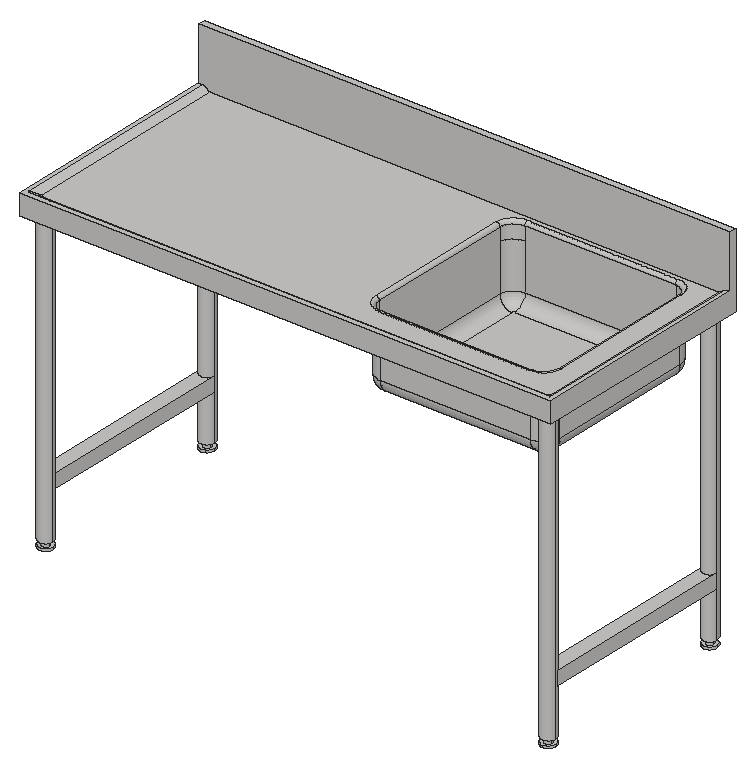
Revit family
Parameters (values of type "1500 X 650 Bowl Right End")
  Waste Connection Diameter = 40 mm
  Width Of Bowl = 505 mm
  Waste Connection Radius = Waste Connection Diameter / 2  # 20 mm
  WFU = 0
  URL = "http://www.autospec.co.za/browse.php?id=1644179283"
  Product Code = "None"
  OmniClass Title = ""
  OmniClass Number = ""
  Modspec Classification = ""
  Specification = ""
  Material = Stainless Steel Grade 304
  Location (revit room) = ""
  Length Of Bowl = 505 mm
  Bowl Posiition [instance] = if(Bowl Position End, Distance Of Bowl, if(Bowl Position Center, Length / 2, Distance Of Bowl))  # 330 mm
  Description = ""
  Depth Of Bowl = 230 mm
  Colour = none
  Bowl Position End [instance] = yes
  Bowl Position Center [instance] = not(Bowl Position End)  # no
  Body Finish = none
  Distance Of Bowl = 330 mm
  Splashback Height = 150 mm
  Width = 650 mm
  Model = "Catering Sink Single Bowl Right End Series KS1-1500 X 650"
  Manufacturer = "Kwikot"  # constant formula
  Length = 1500 mm
  Height = 1050 mm
  Assembly Code = "E1090300"
Reference planes
  plane 1 "Center (Front/Back)": y = 0
  plane 2 "Bottom": z = 0
  plane 3 "Center (Left/Right)": x = 0
  plane 4 "Left": x = -750
  plane 5 "Right": x = 750
  plane 6 "Front": y = -650
  plane 7 "Top": z = 1050
  plane 8: z = 900
  plane 9: z = 840
  plane 10: z = 670
  plane 11: y = -295
  plane 12: x = 420
  plane 13: x = 655
  plane 14: x = 150
  plane 15: y = -42.5
  plane 16: y = -547.5
Forms (mm)
  Extrusion 1, solid, material "Stainless Steel Grade 304" <- "Material"
    sketch origin (-750, -491, 4000) x (0, -1, 0) y (0, 0, 1)
      loop
        line (-491, -3160) -> (159, -3160) -> (159, -3100) -> (-471, -3100) -> (-471, -2950) -> (-491, -2950) -> (-491, -3160)
    from 0 to -1500
  Blend 2, void
    base sketch origin (-779.234, -1524, 900) x (0, -1, 0) y (1, 0, 0)
      loop
        arc (-891, 41.234) -> (-887.464, 42.698) -> (-886, 46.234) r 5
        line (-886, 46.234) -> (-886, 1512.234)
        arc (-886, 1512.234) -> (-887.464, 1515.769) -> (-891, 1517.234) r 5
        line (-891, 1517.234) -> (-1504, 1517.234) -> (-1504, 41.234) -> (-891, 41.234)
    top sketch origin (-779.234, -1524, 900) x (0, -1, 0) y (1, 0, 0)
      loop
        line (-1504, 61.234) -> (-911, 61.234)
        arc (-911, 61.234) -> (-907.464, 62.698) -> (-906, 66.234) r 5
        line (-906, 66.234) -> (-906, 1492.234)
        arc (-906, 1492.234) -> (-907.464, 1495.769) -> (-911, 1497.234) r 5
        line (-911, 1497.234) -> (-1504, 1497.234) -> (-1504, 61.234)
    from 0 to -12
  Extrusion 3, void
    sketch origin (-779.234, -1524, 840) x (0, -1, 0) y (-1, 0, 0)
      loop
        line (-1481.5, -969.234) -> (-1481.5, -1394.234)
        arc (-1481.5, -1394.234) -> (-1469.784, -1422.518) -> (-1441.5, -1434.234) r 40
        line (-1441.5, -1434.234) -> (-1016.5, -1434.234)
        arc (-1016.5, -1434.234) -> (-988.216, -1422.518) -> (-976.5, -1394.234) r 40
        line (-976.5, -1394.234) -> (-976.5, -969.234)
        arc (-976.5, -969.234) -> (-988.216, -940.949) -> (-1016.5, -929.234) r 40
        line (-1016.5, -929.234) -> (-1441.5, -929.234)
        arc (-1441.5, -929.234) -> (-1469.784, -940.949) -> (-1481.5, -969.234) r 40
    from 0 to -60
  Sweep 4, solid, material "Stainless Steel Grade 304" <- "Material"
    path origin (-779.234, -1524, 900) x (-1, 0, 0) y (0, -1, 0)
      loop
        line (-929.234, -1441.5) -> (-929.234, -1016.5)
        arc (-929.234, -1016.5) -> (-940.949, -988.216) -> (-969.234, -976.5) r 40
        line (-969.234, -976.5) -> (-1394.234, -976.5)
        arc (-1394.234, -976.5) -> (-1422.518, -988.216) -> (-1434.234, -1016.5) r 40
        line (-1434.234, -1016.5) -> (-1434.234, -1441.5)
        arc (-1434.234, -1441.5) -> (-1422.518, -1469.784) -> (-1394.234, -1481.5) r 40
        line (-1394.234, -1481.5) -> (-969.234, -1481.5)
        arc (-969.234, -1481.5) -> (-940.949, -1469.784) -> (-929.234, -1441.5) r 40
    profile origin (150, -295, 900) x (1, 0, 0) y (0, 0, 1)
      loop
        line (0, -12) -> (-5, -12) -> (-5, -190)
        arc (-5, -190) -> (6.716, -218.284) -> (35, -230) r 40
        line (35, -230) -> (35, -225)
        arc (35, -225) -> (10.251, -214.749) -> (0, -190) r 35
        line (0, -190) -> (0, -12)
  Blend 5, solid, material "Stainless Steel Grade 304" <- "Material"
    base sketch origin (-779.234, -1524, 670) x (-1, 0, 0) y (0, -1, 0)
      loop
        circle (-1199.234, -1229) r 26
    top sketch origin (-779.234, -1524, 670) x (-1, 0, 0) y (0, -1, 0)
      loop
        circle (-1199.234, -1229) r 20
    from 0 to -5
  Extrusion 6, solid, material "Stainless Steel Grade 304" <- "Material"
    sketch origin (-779.234, -1524, 670) x (-1, 0, 0) y (0, -1, 0)
      loop
        arc (-964.234, -1016.5) -> (-965.698, -1012.964) -> (-969.234, -1011.5) r 5
        line (-969.234, -1011.5) -> (-1394.234, -1011.5)
        arc (-1394.234, -1011.5) -> (-1397.769, -1012.964) -> (-1399.234, -1016.5) r 5
        line (-1399.234, -1016.5) -> (-1399.234, -1441.5)
        arc (-1399.234, -1441.5) -> (-1397.769, -1445.036) -> (-1394.234, -1446.5) r 5
        line (-1394.234, -1446.5) -> (-969.234, -1446.5)
        arc (-969.234, -1446.5) -> (-965.698, -1445.036) -> (-964.234, -1441.5) r 5
        line (-964.234, -1441.5) -> (-964.234, -1016.5)
      loop
        circle (-1199.234, -1229) r 26
    from 0 to 5
  Sweep 7, void
    path origin (-779.234, -1524, 900) x (-1, 0, 0) y (0, -1, 0)
      loop
        line (-929.234, -1441.5) -> (-929.234, -1016.5)
        arc (-929.234, -1016.5) -> (-940.949, -988.216) -> (-969.234, -976.5) r 40
        line (-969.234, -976.5) -> (-1394.234, -976.5)
        arc (-1394.234, -976.5) -> (-1422.518, -988.216) -> (-1434.234, -1016.5) r 40
        line (-1434.234, -1016.5) -> (-1434.234, -1441.5)
        arc (-1434.234, -1441.5) -> (-1422.518, -1469.784) -> (-1394.234, -1481.5) r 40
        line (-1394.234, -1481.5) -> (-969.234, -1481.5)
        arc (-969.234, -1481.5) -> (-940.949, -1469.784) -> (-929.234, -1441.5) r 40
    profile origin (150, -295, 900) x (1, 0, 0) y (0, 0, 1)
      loop
        line (0, -12) -> (-10, -12)
        arc (-10, -12) -> (-2.929, -14.929) -> (0, -22) r 10
        line (0, -22) -> (0, -12)
  Extrusion 8, solid, material "Stainless Steel Grade 304" <- "Material"
    sketch origin (0, 0, 0) x (1, 0, 0) y (0, 1, 0)
      loop
        circle (-710, -610) r 21
      loop
        circle (710, -610) r 21
      loop
        circle (-710, -40) r 21
      loop
        circle (710, -40) r 21
    from 0 to 5
  Extrusion 9, solid, material "Stainless Steel Grade 304" <- "Material"
    sketch origin (0, 0, 0) x (1, 0, 0) y (0, 1, 0)
      loop
        circle (-710, -610) r 10
      loop
        circle (-710, -40) r 10
      loop
        circle (710, -40) r 10
      loop
        circle (710, -610) r 10
    from 5 to 20
  Extrusion 10, solid, material "Stainless Steel Grade 304" <- "Material"
    sketch origin (-779.234, -1524, 840) x (-1, 0, 0) y (0, -1, 0)
      loop
        circle (-1489.234, -914) r 21
      loop
        circle (-1489.234, -1484) r 21
      loop
        circle (-69.234, -1484) r 21
      loop
        circle (-69.234, -914) r 21
    from 0 to -820
  Extrusion 11, solid, material "Stainless Steel Grade 304"
    sketch origin (0, 0, 0) x (1, 0, 0) y (0, 1, 0)
      loop
        line (-689, -610) -> (-689, -40)
        arc (-689, -40) -> (-710, -61) -> (-731, -40) r 21
        line (-731, -40) -> (-731, -610)
        arc (-731, -610) -> (-710, -589) -> (-689, -610) r 21
      loop
        line (689, -40) -> (689, -610)
        arc (689, -610) -> (710, -589) -> (731, -610) r 21
        line (731, -610) -> (731, -40)
        arc (731, -40) -> (710, -61) -> (689, -40) r 21
    from 150 to 190
Cuts and joins
  Blend 2, Extrusion 3, Sweep 7 cuts Extrusion 1
  Sweep 7 cuts Sweep 4
  Sweep 7 cuts Extrusion 6
  joined: Extrusion 1, Sweep 4, Extrusion 6
Lines and regions (mm)
  symbolic lines
    curve 1: line (-750, 0, 750) -> (-750, -650, 750)
    curve 2: line (750, 0, 750) -> (-750, 0, 750)
    curve 3: line (750, -650, 750) -> (750, 0, 750)
    curve 4: line (-750, -650, 750) -> (750, -650, 750)
    curve 5: line (-750, -20, 750) -> (750, -20, 750)
    curve 6: line (-738, -633, 1050) -> (-738, -20, 1050)
    curve 7: arc (-733, -638, 1050) -> (-736.536, -636.536, 1050) -> (-738, -633, 1050) r 5
    curve 8: line (733, -638, 1050) -> (-733, -638, 1050)
    curve 9: line (-718, -20, 1050) -> (-718, -613, 1050)
    curve 10: arc (-718, -613, 1050) -> (-716.536, -616.536, 1050) -> (-713, -618, 1050) r 5
    curve 11: line (-713, -618, 1050) -> (713, -618, 1050)
    curve 12: arc (713, -618, 1050) -> (716.536, -616.536, 1050) -> (718, -613, 1050) r 5
    curve 13: line (718, -613, 1050) -> (718, -20, 1050)
    curve 14: arc (738, -633, 1050) -> (736.536, -636.536, 1050) -> (733, -638, 1050) r 5
    curve 15: line (738, -20, 1050) -> (738, -633, 1050)
    curve 16: line (615, -547.5, 1050) -> (190, -547.5, 1050)
    curve 17: arc (190, -547.5, 1050) -> (161.716, -535.784, 1050) -> (150, -507.5, 1050) r 40
    curve 18: line (150, -507.5, 1050) -> (150, -82.5, 1050)
    curve 19: arc (150, -82.5, 1050) -> (161.716, -54.216, 1050) -> (190, -42.5, 1050) r 40
    curve 20: line (190, -42.5, 1050) -> (615, -42.5, 1050)
    curve 21: arc (615, -42.5, 1050) -> (643.284, -54.216, 1050) -> (655, -82.5, 1050) r 40
    curve 22: line (655, -82.5, 1050) -> (655, -507.5, 1050)
    curve 23: arc (655, -507.5, 1050) -> (643.284, -535.784, 1050) -> (615, -547.5, 1050) r 40
  symbolic lines, detail levels fine
    curve 24: arc (446, -295, 1050) -> (420, -321, 1050) -> (394, -295, 1050) r 26
    curve 25: arc (394, -295, 1050) -> (420, -269, 1050) -> (446, -295, 1050) r 26
Dimensions and locks
  equal spacing: plane 4 "Left", plane 3 "Center (Left/Right)", plane 5 "Right"
  "Length": plane 4 "Left" to plane 5 "Right"
  "Width": plane 1 "Center (Front/Back)" to plane 6 "Front"
  "Height": plane 7 "Top" to level
  "Splashback Height": plane 7 "Top" to plane 8
  Blend 2 sketch curve to plane 6 "Front" = 12 mm
  plane 11 to plane 1 "Center (Front/Back)" = 295 mm
  "Bowl Posiition": plane 12 to plane 5 "Right"
  Blend 2 sketch curve to var sketch = 20 mm  (x2)
  var sketch to Blend 2 sketch curve = 20 mm
  "Depth Of Bowl": plane 8 to plane 10
  "Length Of Bowl": plane 14 to plane 13
  locked: plane 12 to plane 13 at 235
  "Width Of Bowl": plane 15 to plane 16
  plane 4 "Left" to Extrusion 8 sketch curve = 40 mm  (x2)
  Extrusion 8 sketch curve to plane 6 "Front" = 40 mm  (x2)
  Extrusion 8 sketch curve to plane 1 "Center (Front/Back)" = 40 mm  (x2)
  Extrusion 8 sketch curve to plane 5 "Right" = 40 mm  (x2)
  plane 8 to plane 9 = 60 mm
  plane 4 "Left" to Extrusion 9 sketch curve = 40 mm  (x2)
  Extrusion 9 sketch curve to plane 6 "Front" = 40 mm  (x2)
  Extrusion 9 sketch curve to plane 1 "Center (Front/Back)" = 40 mm  (x2)
  Extrusion 9 sketch curve to plane 5 "Right" = 40 mm  (x2)
  Extrusion 11 to plane 2 "Bottom" = 150 mm
  equal spacing: plane 15, plane 11, plane 16
  radius of Extrusion 3 sketch curve = 40 mm  (x4)
  radius of Extrusion 6 sketch curve = 26 mm
  "Waste Connection Radius": radius of Blend 5 sketch curve
  radius of Extrusion 8 sketch curve = 21 mm  (x4)
  radius of Extrusion 9 sketch curve = 10 mm  (x4)
  aligned and locked: level to plane 2 "Bottom"
  aligned and locked: Extrusion 1 sketch curve to plane 9
  aligned and locked: Extrusion 1 sketch curve to plane 1 "Center (Front/Back)"
  aligned and locked: plane 8 to Extrusion 1 sketch curve
  aligned and locked: Extrusion 1 sketch curve to plane 6 "Front"
  aligned and locked: plane 7 "Top" to Extrusion 1 sketch curve
  aligned and locked: plane 4 "Left" to Extrusion 1
  aligned and locked: Extrusion 1 to plane 5 "Right"
  aligned and locked: var sketch to Blend 2 sketch curve
  aligned and locked: plane 8 to Extrusion 3
  aligned and locked: Extrusion 3 to plane 9
  aligned and locked: Sweep 4 sketch curve to cut or joined group of Extrusion 1, Blend 2, Extrusion 3, Sweep 4, Extrusion 6, Sweep 7  (x6)
  aligned and locked: curve 7 to cut or joined group of Extrusion 1, Blend 2, Extrusion 3, Sweep 4, Extrusion 6, Sweep 7
  aligned and locked: curve 9 to cut or joined group of Extrusion 1, Blend 2, Extrusion 3, Sweep 4, Extrusion 6, Sweep 7
  aligned and locked: curve 10 to cut or joined group of Extrusion 1, Blend 2, Extrusion 3, Sweep 4, Extrusion 6, Sweep 7
  aligned and locked: curve 12 to cut or joined group of Extrusion 1, Blend 2, Extrusion 3, Sweep 4, Extrusion 6, Sweep 7
  aligned and locked: curve 14 to cut or joined group of Extrusion 1, Blend 2, Extrusion 3, Sweep 4, Extrusion 6, Sweep 7
  aligned and locked: curve 15 to cut or joined group of Extrusion 1, Blend 2, Extrusion 3, Sweep 4, Extrusion 6, Sweep 7
  aligned and locked: curve 17 to cut or joined group of Extrusion 1, Blend 2, Extrusion 3, Sweep 4, Extrusion 6, Sweep 7
  aligned and locked: curve 19 to cut or joined group of Extrusion 1, Blend 2, Extrusion 3, Sweep 4, Extrusion 6, Sweep 7
  aligned and locked: curve 21 to cut or joined group of Extrusion 1, Blend 2, Extrusion 3, Sweep 4, Extrusion 6, Sweep 7
  aligned and locked: curve 23 to cut or joined group of Extrusion 1, Blend 2, Extrusion 3, Sweep 4, Extrusion 6, Sweep 7
  aligned and locked: plane 11 to Blend 5 sketch curve
  aligned and locked: plane 12 to Blend 5 sketch curve
  aligned and locked: plane 10 to Blend 5
  aligned and locked: plane 10 to Sweep 4 sketch curve
  aligned and locked: Extrusion 6 sketch curve to cut or joined group of Extrusion 1, Blend 2, Extrusion 3, Sweep 4, Extrusion 6, Sweep 7  (x4)
  aligned and locked: plane 11 to Extrusion 6 sketch curve
  aligned and locked: plane 12 to Extrusion 6 sketch curve
  aligned and locked: Blend 5 sketch curve to cut or joined group of Extrusion 1, Blend 2, Extrusion 3, Sweep 4, Extrusion 6, Sweep 7  (x2)
  aligned and locked: Extrusion 3 sketch curve to plane 15
  aligned and locked: plane 14 to Extrusion 3 sketch curve
  aligned and locked: plane 13 to Extrusion 3 sketch curve
  aligned and locked: plane 16 to Extrusion 3 sketch curve
  aligned and locked: Sweep 7 sketch curve to cut or joined group of Extrusion 1, Blend 2, Extrusion 3, Sweep 4, Extrusion 6, Sweep 7  (x4)
  aligned and locked: profile plane to Sweep 7 sketch curve
  aligned and locked: cut or joined group of Extrusion 1, Blend 2, Extrusion 3, Sweep 4, Extrusion 6, Sweep 7 to Sweep 7 sketch curve
  aligned and locked: Extrusion 8 to plane 2 "Bottom"
  aligned and locked: Extrusion 9 to Extrusion 8
  aligned and locked: Extrusion 10 sketch curve to Extrusion 8  (x8)
  aligned and locked: plane 9 to Extrusion 10
  aligned and locked: Extrusion 10 to Extrusion 9
  aligned and locked: Extrusion 11 sketch curve to Extrusion 10  (x4)
Automatic sketch dimensions
  plane 6 "Front" to Blend 2 sketch curve = 17 mm
  Blend 2 sketch curve to Blend 2 sketch curve = 5 mm  (x2)
  Blend 2 sketch curve to plane 4 "Left" = 12 mm
  plane 5 "Right" to Blend 2 sketch curve = 17 mm
  Blend 2 sketch curve to plane 4 "Left" = 37 mm
  plane 1 "Center (Front/Back)" to Extrusion 1 sketch curve = 20 mm
  plane 1 "Center (Front/Back)" to Blend 2 sketch curve = 20 mm
  plane 1 "Center (Front/Back)" to curve 2 = 0 mm
  curve 2 to plane 5 "Right" = 0 mm
  curve 1 to plane 4 "Left" = 0 mm
  curve 1 to plane 6 "Front" = 0 mm
  curve 1 to curve 5 = 20 mm
  plane 1 "Center (Front/Back)" to curve 6 = 20 mm
  curve 6 to curve 9 = 0 mm
  plane 1 "Center (Front/Back)" to curve 13 = 20 mm
  plane 1 "Center (Front/Back)" to curve 15 = 20 mm
  curve 24 to curve 25 = 0 mm  (x2)
  curve 24 to plane 11 = 0 mm
  curve 25 to plane 12 = 0 mm
  curve 24 to plane 12 = 26 mm
  Sweep 4 sketch curve to Sweep 4 sketch curve = 0 mm
  profile plane to Sweep 4 sketch curve = 5 mm
  Sweep 4 sketch curve to Sweep 4 sketch curve = 35 mm
  Sweep 7 sketch curve to Sweep 7 sketch curve = 10 mm  (x2)
  Sweep 7 sketch curve to Sweep 7 sketch curve = 0 mm  (x2)
  profile plane to Sweep 7 sketch curve = 0 mm
Connectors
  piping at (420, -295, 665), driven by "Waste Connection Radius", driven by "WFU"
    settings: on Blend 5, index 1, connector radius 20 mm, flow factor 0, pipe flow 0.0 L/s, pressure drop 0.0 Pa, fitting loss kfactor 0, connector angle 0.00°, fixture units 0, flow configuration 3, flow direction 2, fitting loss method 0, system type 16, connector reference index -1, connector utility 0, adjustable connector no, is connector primary yes, fitting loss table "", connector description "Waste Connection"
